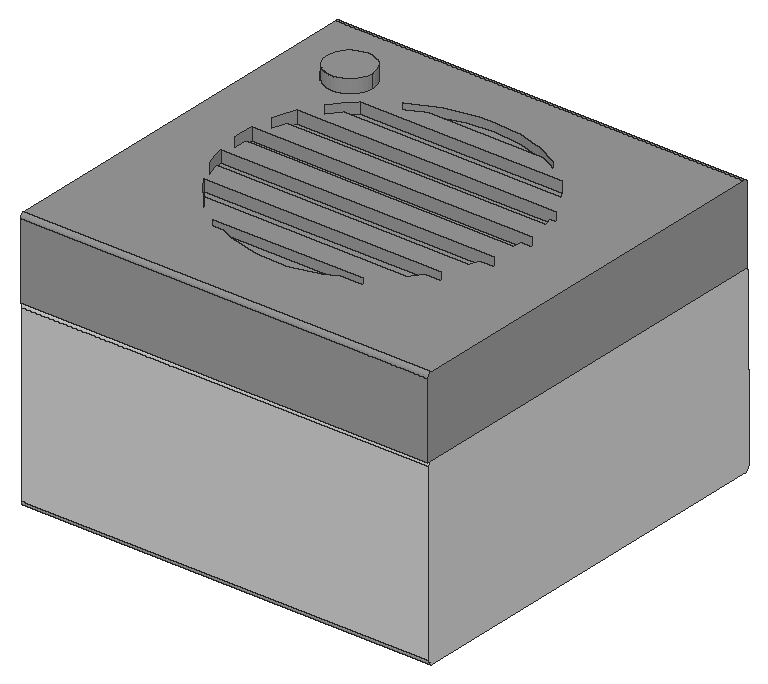
Revit family "Domotics-DomesticRanges-GEWISS-SYSTEM_SIGNALLING-RINGER_2M", category Apparecchi elettrici, host Superficie, Revit 2016
Family settings
  Host = Superficie
  Mantenere orientamento annotazione = Sì
  Tipo di parte = Normale
  Quota connettore circolare = Usa diametro
  Numero OmniClass = 23.80.50.11.14
  Titolo OmniClass = Switches
  Taglio con vuoti quando caricato = Sì
  Condiviso = Sì
  Punto di calcolo locali = Sì
Parameters (values of type "GW21643 - Bell-3 input 230V 2M black")
  Voltage = "230V ac - 50 Hz"
  Volt = 230 V
  Vista di pianta [instance] = yes
  Version file RFA = "19.4"
  URL = "https://www.gewiss.com/ww/en"
  Type: = "3 shades"
  Tipo = SYSTEM SEGNAL ACUSTICA EL_BASE : GW21643 - Nero - 230V
  Technical sheet = "https://www.gewiss.com/ww/en/search?q=GW21643"
  Supply voltage = "230V ac - 50Hz"
  Sound intensity = "75-90 dB (at 1 m)"
  Simbolo = SIMBOLO SEGNAL ACUSTICA : SUONERIA E
  SIMBOLO [instance] = yes
  SEO = "Ringer"
  Realized by GEWISS S.p.A. = ""
  Produttore = "GEWISS S.p.A."
  Power input = "3VA"
  Offset pulsante [instance] = 0 mm
  Offset bidimensionale [instance] = 39 mm
  No. SYSTEM modules = "2"
  N. poli = 1
  Modello = "GW21643"
  Larghezza pulsante = 46 mm
  IFC.TypeObject = ""
  IFC.ExportType = ""
  IFC.ExportAs = ""
  IDT = "74ec7f65-ba21-4d7a-9308-5ca0a5175865"
  IDF = "621fbf66-cb59-43d8-ab59-d3c57e0493e2"
  Electrocod = "0132"
  EAN code = "8011564184879"
  Distanza_x [instance] = 0 mm
  Distanza_effettiva_y [instance] = 100 mm
  Distanza_effettiva_x [instance] = 1500 mm - Distanza_x  # 1500 mm
  Distanza orizzontale simbolo [instance] = 231.658 mm
  Distanza dal muro [instance] = 4.208 mm
  Default Elevation = 1219.2 mm
  Immagine tipo = GW21643.jpg
  Descrizione = "BELL-3 INPUT 230V 2M SY/BK"
  Description. = "Ringer (3 inputs)"
  Colour = "Black"
  Catalogue Range = "SYSTEM - DOMESTIC RANGE"
  Catalogue = "DOMOTICS"
  Carico apparente = 0 VA
  COBie.Tagnumber = ""
  COBie.CreatedOn = ""
  COBie.CreatebBy = ""
  COBie.ComponentRegisterItemID = ""
  COBie.Component.TagNumber = ""
  COBie.Component.Space = ""
  COBie.Component.SerialNumber = ""
  COBie.Component.InstallationDate = ""
  COBie.Component.Description = ""
  COBie.Component.BarCode = ""
Types (4, lengths in mm): name | Voltage | Tipo | Technical sheet | Supply voltage | Modello | IDT | EAN code | Immagine tipo | Descrizione | Colour
  GW21641 - Bell-3 input 12V 2M black | "12V ac/dc" | SYSTEM SEGNAL ACUSTICA EL_BASE : GW21641 - Nero - 12V | "https://www.gewiss.com/ww/en/search?q=GW21641" | "12V ac/dc" | "GW21641" | "362e90e9-b36f-490c-8429-1a3d346313a3" | "8011564184855" | GW21641.jpg | "BELL-3 INPUT 12V 2M SY/BK" | "Black"
  GW20641 - Bell-3 input 12V 2M white | "12V ac/dc" | SYSTEM SEGNAL ACUSTICA EL_BASE : GW20641 - Bianco - 12V | "https://www.gewiss.com/ww/en/search?q=GW20641" | "12V ac/dc" | "GW20641" | "d02cc806-2b70-491e-9f90-8966e96376e3" | "8011564184862" | GW20641.jpg | "BELL-3 INPUT 12V 2M SY/WT" | "White"
  GW20643 - Bell-3 input 230V 2M white | "230V ac - 50 Hz" | SYSTEM SEGNAL ACUSTICA EL_BASE : GW20643 - Bianco - 230V | "https://www.gewiss.com/ww/en/search?q=GW20643" | "230V ac - 50Hz" | "GW20643" | "7c4d68bd-b11d-4b61-96fd-92abb242e18f" | "8011564184886" | GW20643.jpg | "BELL-3 INPUT 230V 2M SY/WT" | "White"
  GW21643 - Bell-3 input 230V 2M black | "230V ac - 50 Hz" | SYSTEM SEGNAL ACUSTICA EL_BASE : GW21643 - Nero - 230V | "https://www.gewiss.com/ww/en/search?q=GW21643" | "230V ac - 50Hz" | "GW21643" | "74ec7f65-ba21-4d7a-9308-5ca0a5175865" | "8011564184879" | GW21643.jpg | "BELL-3 INPUT 230V 2M SY/BK" | "Black"
Reference planes
  plane 1 "Centro (Fronte/Retro)": y = 0
  plane 2: z = 0
  plane 3 "Centro (Sinistra/Destra)": x = 0
  plane 4: z = 0
  plane 5 "piano bidimensionale": z = 39
  plane 6: x = -23
  plane 7: x = 23
  plane 8: z = 39
  plane 9: x = -1500
  plane 10: x = 0
  plane 11: y = 100
Lines and regions (mm)
  Masking region 1, visible <- "Vista di pianta"
    outline origin (0, 0, 0) x (1, 0, 0) y (0, 0, 1)
      loop
        line (23, 0) -> (23, 39) -> (-23, 39) -> (-23, 0) -> (23, 0)
  Masking region 2, visible <- "Vista di pianta"
    outline origin (0, 0, 39) x (0, -1, 0) y (1, 0, 0)
      loop
        line (-22.5, -23) -> (22.5, -23) -> (22.5, 23) -> (-22.5, 23) -> (-22.5, -23)
      loop
        circle (-14.575, -15.5) r 2.573
      loop
        line (-18.141, -12.875) -> (-19.51, -12.361)
        arc (-19.51, -12.361) -> (-20.082, -16.433) -> (-17.064, -19.226) r 4.437
        arc (-17.064, -19.226) -> (-18.804, -16.254) -> (-18.141, -12.875) r 4.866
      loop
        line (-13.397, -8.438) -> (-13.397, 8.438)
        spline (-13.397, 8.438) -> (-14.127, 7.148) -> (-14.734, 5.795) -> (-15.212, 4.392) -> (-15.556, 2.949) -> (-15.764, 1.481) -> (-15.833, 0) -> (-15.764, -1.481) -> (-15.556, -2.949) -> (-15.212, -4.392) -> (-14.734, -5.795) -> (-14.127, -7.148) -> (-13.397, -8.438)
      loop
        arc (-10.961, -11.425) -> (-9.79, -12.443) -> (-8.525, -13.341) r 15.832
        line (-8.525, -13.341) -> (-8.525, 13.341)
        arc (-8.525, 13.341) -> (-9.79, 12.443) -> (-10.961, 11.425) r 15.832
        line (-10.961, 11.425) -> (-10.961, -11.425)
      loop
        arc (-6.089, -14.615) -> (-4.888, -15.059) -> (-3.654, -15.405) r 15.832
        line (-3.654, -15.405) -> (-3.654, 15.405)
        arc (-3.654, 15.405) -> (-4.888, 15.059) -> (-6.089, 14.615) r 15.832
        line (-6.089, 14.615) -> (-6.089, -14.615)
      loop
        arc (-1.218, -15.786) -> (0, -15.832) -> (1.218, -15.786) r 15.832
        line (1.218, -15.786) -> (1.218, 15.786)
        arc (1.218, 15.786) -> (0, 15.832) -> (-1.218, 15.786) r 15.832
        line (-1.218, 15.786) -> (-1.218, -15.786)
      loop
        arc (3.654, -15.405) -> (4.888, -15.059) -> (6.089, -14.615) r 15.832
        line (6.089, -14.615) -> (6.089, 14.615)
        arc (6.089, 14.615) -> (4.888, 15.059) -> (3.654, 15.405) r 15.832
        line (3.654, 15.405) -> (3.654, -15.405)
      loop
        arc (8.525, -13.341) -> (9.79, -12.443) -> (10.961, -11.425) r 15.832
        line (10.961, -11.425) -> (10.961, 11.425)
        arc (10.961, 11.425) -> (9.79, 12.443) -> (8.525, 13.341) r 15.832
        line (8.525, 13.341) -> (8.525, -13.341)
      loop
        spline (13.397, -8.438) -> (14.127, -7.148) -> (14.734, -5.795) -> (15.212, -4.392) -> (15.556, -2.949) -> (15.764, -1.481) -> (15.833, 0) -> (15.764, 1.481) -> (15.556, 2.949) -> (15.212, 4.392) -> (14.734, 5.795) -> (14.127, 7.148) -> (13.397, 8.438)
        line (13.397, 8.438) -> (13.397, -8.438)
  Masking region 3, visible <- "Vista di pianta"
    outline origin (0, 0, 0) x (0, 1, 0) y (0, 0, 1)
      loop
        line (-22.5, 36.414) -> (-22.5, 0) -> (22.5, 0) -> (22.5, 36.414) -> (-22.5, 36.414)
  model lines, style "pulsanti", detail levels coarse
    curve 1: line (-23, 22.5, 39) -> (23, 22.5, 39)
    curve 2: line (-23, -22.5, 39) -> (-23, 22.5, 39)
    curve 3: line (23, -22.5, 39) -> (-23, -22.5, 39)
    curve 4: line (23, 22.5, 39) -> (23, -22.5, 39)
    curve 5: arc (-12.927, 14.575, 39) -> (-15.5, 17.148, 39) -> (-18.072, 14.575, 39) r 2.573
    curve 6: arc (-18.072, 14.575, 39) -> (-15.5, 12.003, 39) -> (-12.927, 14.575, 39) r 2.573
    curve 7: spline (-8.438, 13.397, 39) -> (-7.148, 14.127, 39) -> (-5.795, 14.734, 39) -> (-4.392, 15.212, 39) -> (-2.949, 15.556, 39) -> (-1.481, 15.764, 39) -> (0, 15.833, 39) -> (1.481, 15.764, 39) -> (2.949, 15.556, 39) -> (4.392, 15.212, 39) -> (5.795, 14.734, 39) -> (7.148, 14.127, 39) -> (8.438, 13.397, 39)
    curve 8: line (8.438, 13.397, 39) -> (-8.438, 13.397, 39)
    curve 9: line (-11.425, 10.961, 39) -> (11.425, 10.961, 39)
    curve 10: arc (11.425, 10.961, 39) -> (12.443, 9.79, 39) -> (13.341, 8.525, 39) r 15.832
    curve 11: line (13.341, 8.525, 39) -> (-13.341, 8.525, 39)
    curve 12: arc (-13.341, 8.525, 39) -> (-12.443, 9.79, 39) -> (-11.425, 10.961, 39) r 15.832
    curve 13: line (-14.615, 6.089, 39) -> (14.615, 6.089, 39)
    curve 14: arc (14.615, 6.089, 39) -> (15.059, 4.888, 39) -> (15.405, 3.654, 39) r 15.832
    curve 15: line (15.405, 3.654, 39) -> (-15.405, 3.654, 39)
    curve 16: arc (-15.405, 3.654, 39) -> (-15.059, 4.888, 39) -> (-14.615, 6.089, 39) r 15.832
    curve 17: line (-15.786, 1.218, 39) -> (15.786, 1.218, 39)
    curve 18: arc (15.786, 1.218, 39) -> (15.832, 0, 39) -> (15.786, -1.218, 39) r 15.832
    curve 19: line (15.786, -1.218, 39) -> (-15.786, -1.218, 39)
    curve 20: arc (-15.786, -1.218, 39) -> (-15.832, 0, 39) -> (-15.786, 1.218, 39) r 15.832
    curve 21: line (-15.405, -3.654, 39) -> (15.405, -3.654, 39)
    curve 22: arc (15.405, -3.654, 39) -> (15.059, -4.888, 39) -> (14.615, -6.089, 39) r 15.832
    curve 23: line (14.615, -6.089, 39) -> (-14.615, -6.089, 39)
    curve 24: arc (-14.615, -6.089, 39) -> (-15.059, -4.888, 39) -> (-15.405, -3.654, 39) r 15.832
    curve 25: line (-13.341, -8.525, 39) -> (13.341, -8.525, 39)
    curve 26: arc (13.341, -8.525, 39) -> (12.443, -9.79, 39) -> (11.425, -10.961, 39) r 15.832
    curve 27: line (11.425, -10.961, 39) -> (-11.425, -10.961, 39)
    curve 28: arc (-11.425, -10.961, 39) -> (-12.443, -9.79, 39) -> (-13.341, -8.525, 39) r 15.832
    curve 29: line (-8.438, -13.397, 39) -> (8.438, -13.397, 39)
    curve 30: spline (8.438, -13.397, 39) -> (7.148, -14.127, 39) -> (5.795, -14.734, 39) -> (4.392, -15.212, 39) -> (2.949, -15.556, 39) -> (1.481, -15.764, 39) -> (0, -15.833, 39) -> (-1.481, -15.764, 39) -> (-2.949, -15.556, 39) -> (-4.392, -15.212, 39) -> (-5.795, -14.734, 39) -> (-7.148, -14.127, 39) -> (-8.438, -13.397, 39)
    curve 31: line (-12.361, 19.51, 39) -> (-12.875, 18.141, 39)
    curve 32: arc (-12.361, 19.51, 39) -> (-16.433, 20.082, 39) -> (-19.226, 17.064, 39) r 4.437
    curve 33: arc (-12.875, 18.141, 39) -> (-16.254, 18.804, 39) -> (-19.226, 17.064, 39) r 4.866
  model lines, style "pulsanti", not visible, detail levels coarse
    curve 34: line (-23, 22.5, 39) -> (23, 22.5, 39)
    curve 35: line (-23, -22.5, 39) -> (-23, 22.5, 39)
    curve 36: line (23, -22.5, 39) -> (-23, -22.5, 39)
    curve 37: line (23, 22.5, 39) -> (23, -22.5, 39)
    curve 38: arc (-12.927, 14.575, 39) -> (-15.5, 17.148, 39) -> (-18.072, 14.575, 39) r 2.573
    curve 39: arc (-18.072, 14.575, 39) -> (-15.5, 12.003, 39) -> (-12.927, 14.575, 39) r 2.573
    curve 40: spline (-8.438, 13.397, 39) -> (-7.148, 14.127, 39) -> (-5.795, 14.734, 39) -> (-4.392, 15.212, 39) -> (-2.949, 15.556, 39) -> (-1.481, 15.764, 39) -> (0, 15.833, 39) -> (1.481, 15.764, 39) -> (2.949, 15.556, 39) -> (4.392, 15.212, 39) -> (5.795, 14.734, 39) -> (7.148, 14.127, 39) -> (8.438, 13.397, 39)
    curve 41: line (8.438, 13.397, 39) -> (-8.438, 13.397, 39)
    curve 42: line (-11.425, 10.961, 39) -> (11.425, 10.961, 39)
    curve 43: arc (11.425, 10.961, 39) -> (12.443, 9.79, 39) -> (13.341, 8.525, 39) r 15.832
    curve 44: line (13.341, 8.525, 39) -> (-13.341, 8.525, 39)
    curve 45: arc (-13.341, 8.525, 39) -> (-12.443, 9.79, 39) -> (-11.425, 10.961, 39) r 15.832
    curve 46: line (-14.615, 6.089, 39) -> (14.615, 6.089, 39)
    curve 47: arc (14.615, 6.089, 39) -> (15.059, 4.888, 39) -> (15.405, 3.654, 39) r 15.832
    curve 48: line (15.405, 3.654, 39) -> (-15.405, 3.654, 39)
    curve 49: arc (-15.405, 3.654, 39) -> (-15.059, 4.888, 39) -> (-14.615, 6.089, 39) r 15.832
    curve 50: line (-15.786, 1.218, 39) -> (15.786, 1.218, 39)
    curve 51: arc (15.786, 1.218, 39) -> (15.832, 0, 39) -> (15.786, -1.218, 39) r 15.832
    curve 52: line (15.786, -1.218, 39) -> (-15.786, -1.218, 39)
    curve 53: arc (-15.786, -1.218, 39) -> (-15.832, 0, 39) -> (-15.786, 1.218, 39) r 15.832
    curve 54: line (-15.405, -3.654, 39) -> (15.405, -3.654, 39)
    curve 55: arc (15.405, -3.654, 39) -> (15.059, -4.888, 39) -> (14.615, -6.089, 39) r 15.832
    curve 56: line (14.615, -6.089, 39) -> (-14.615, -6.089, 39)
    curve 57: arc (-14.615, -6.089, 39) -> (-15.059, -4.888, 39) -> (-15.405, -3.654, 39) r 15.832
    curve 58: line (-13.341, -8.525, 39) -> (13.341, -8.525, 39)
    curve 59: arc (13.341, -8.525, 39) -> (12.443, -9.79, 39) -> (11.425, -10.961, 39) r 15.832
    curve 60: line (11.425, -10.961, 39) -> (-11.425, -10.961, 39)
    curve 61: arc (-11.425, -10.961, 39) -> (-12.443, -9.79, 39) -> (-13.341, -8.525, 39) r 15.832
    curve 62: line (-8.438, -13.397, 39) -> (8.438, -13.397, 39)
    curve 63: spline (8.438, -13.397, 39) -> (7.148, -14.127, 39) -> (5.795, -14.734, 39) -> (4.392, -15.212, 39) -> (2.949, -15.556, 39) -> (1.481, -15.764, 39) -> (0, -15.833, 39) -> (-1.481, -15.764, 39) -> (-2.949, -15.556, 39) -> (-4.392, -15.212, 39) -> (-5.795, -14.734, 39) -> (-7.148, -14.127, 39) -> (-8.438, -13.397, 39)
    curve 64: line (-12.361, 19.51, 39) -> (-12.875, 18.141, 39)
    curve 65: arc (-12.361, 19.51, 39) -> (-16.433, 20.082, 39) -> (-19.226, 17.064, 39) r 4.437
    curve 66: arc (-12.875, 18.141, 39) -> (-16.254, 18.804, 39) -> (-19.226, 17.064, 39) r 4.866
Dimensions and locks
  "Offset pulsante": plane 4 to host face
  equal spacing: plane 6, plane 3 "Centro (Sinistra/Destra)", plane 7
  "Larghezza pulsante": plane 6 to plane 7
  locked: plane 8 to plane 4 at 39
  plane 9 to plane 3 "Centro (Sinistra/Destra)" = 1500 mm
  "Distanza_effettiva_x": plane 9 to plane 10
  "Distanza_effettiva_y": plane 11 to plane 1 "Centro (Fronte/Retro)"
  "Offset bidimensionale": plane 5 "piano bidimensionale" to host face
  aligned and locked: plane 2 to host face
  aligned and locked: level to host face
  aligned and locked: plane 1 "Centro (Fronte/Retro)" to nested 1
  aligned and locked: nested 1 to plane 4
  aligned and locked: plane 4 to Masking region 1 sketch curve
  aligned and locked: Masking region 1 sketch curve to nested 1
  aligned and locked: plane 6 to Masking region 1 sketch curve
  aligned and locked: plane 8 to Masking region 1
  aligned and locked: plane 10 to nested 2
  aligned and locked: nested 2 to plane 11
  aligned and locked: Masking region 2 sketch curve to curve 1
  aligned and locked: plane 6 to Masking region 2 sketch curve
  aligned and locked: Masking region 2 sketch curve to curve 3
  aligned and locked: Masking region 2 sketch curve to curve 4
  aligned and locked: Masking region 3 sketch curve to nested 1  (x3)
  aligned and locked: plane 4 to Masking region 3 sketch curve
Automatic sketch dimensions
  host sketch curve to host sketch curve = 2438.4 mm  (x2)
  plane 5 "piano bidimensionale" to Masking region 1 sketch curve = 0 mm
  Masking region 2 sketch curve to Masking region 2 sketch curve = 7.925 mm
  plane 6 to Masking region 2 sketch curve = 7.5 mm
  Masking region 2 sketch curve to Masking region 2 sketch curve = 1.327 mm
  Masking region 2 sketch curve to Masking region 2 sketch curve = 0.569 mm
  Masking region 2 sketch curve to Masking region 2 sketch curve = 0.059 mm
  Masking region 2 sketch curve to Masking region 2 sketch curve = 0.556 mm
  Masking region 2 sketch curve to Masking region 2 sketch curve = 3.608 mm
  Masking region 2 sketch curve to Masking region 2 sketch curve = 1.369 mm
  Masking region 2 sketch curve to Masking region 2 sketch curve = 1.162 mm
  plane 6 to Masking region 2 sketch curve = 3.774 mm
  Masking region 2 sketch curve to plane 3 "Centro (Sinistra/Destra)" = 0 mm  (x3)
  Masking region 2 sketch curve to plane 1 "Centro (Fronte/Retro)" = 13.397 mm
  Masking region 2 sketch curve to Masking region 2 sketch curve = 4.438 mm
  Masking region 2 sketch curve to plane 1 "Centro (Fronte/Retro)" = 0.048 mm
  plane 6 to Masking region 2 sketch curve = 7.191 mm
  plane 1 "Centro (Fronte/Retro)" to Masking region 2 sketch curve = 0 mm
  Masking region 2 sketch curve to Masking region 2 sketch curve = 2.436 mm  (x9)
  Masking region 2 sketch curve to Masking region 2 sketch curve = 2.1 mm
  Masking region 2 sketch curve to Masking region 2 sketch curve = 0.404 mm
  Masking region 2 sketch curve to Masking region 2 sketch curve = 0.791 mm  (x2)
  Masking region 2 sketch curve to Masking region 2 sketch curve = 2.987 mm  (x2)
  Masking region 2 sketch curve to Masking region 2 sketch curve = 1.916 mm  (x2)
  Masking region 2 sketch curve to Masking region 2 sketch curve = 1.273 mm  (x2)
  Masking region 2 sketch curve to Masking region 2 sketch curve = 0 mm  (x12)
  Masking region 2 sketch curve to plane 1 "Centro (Fronte/Retro)" = 1.218 mm
  plane 1 "Centro (Fronte/Retro)" to Masking region 2 sketch curve = 1.218 mm
  Masking region 2 sketch curve to Masking region 2 sketch curve = 0.38 mm  (x3)
  Masking region 2 sketch curve to Masking region 2 sketch curve = 0.023 mm  (x3)
  Masking region 2 sketch curve to Masking region 2 sketch curve = 1.171 mm
  Masking region 2 sketch curve to Masking region 2 sketch curve = 3.19 mm
  plane 1 "Centro (Fronte/Retro)" to Masking region 2 sketch curve = 0.048 mm
  curve 10 to curve 12 = 0 mm  (x2)
  curve 10 to curve 14 = 0 mm  (x2)
  curve 10 to curve 16 = 0 mm  (x2)
  curve 10 to curve 18 = 0 mm  (x2)
  curve 10 to curve 20 = 0 mm  (x2)
  curve 10 to curve 22 = 0 mm  (x2)
  curve 10 to curve 24 = 0 mm  (x2)
  curve 10 to curve 26 = 0 mm  (x2)
  curve 10 to curve 28 = 0 mm  (x2)
  curve 1 to plane 7 = 0 mm
  curve 2 to plane 6 = 0 mm
  curve 7 to plane 3 "Centro (Sinistra/Destra)" = 0 mm
  plane 1 "Centro (Fronte/Retro)" to curve 10 = 0 mm
  curve 30 to plane 3 "Centro (Sinistra/Destra)" = 0 mm
  curve 28 to plane 3 "Centro (Sinistra/Destra)" = 0 mm
  curve 33 to plane 1 "Centro (Fronte/Retro)" = 14.006 mm
  curve 6 to curve 33 = 0.569 mm
  curve 32 to curve 5 = 1.327 mm
  plane 6 to curve 5 = 7.5 mm
  curve 5 to curve 33 = 0.059 mm
  curve 5 to curve 32 = 0.556 mm
  curve 7 to curve 10 = 0.048 mm
  curve 16 to curve 17 = 2.436 mm
  curve 16 to curve 15 = 2.436 mm
  curve 11 to curve 13 = 2.436 mm
  curve 12 to curve 12 = 2.436 mm
  curve 7 to curve 12 = 2.436 mm
  curve 33 to curve 5 = 2.489 mm
  curve 33 to curve 32 = 2.239 mm
  curve 32 to curve 31 = 1.369 mm
  curve 1 to curve 32 = 5.436 mm
  plane 1 "Centro (Fronte/Retro)" to curve 30 = 0.048 mm
  curve 30 to curve 19 = 1.17 mm
  curve 18 to curve 22 = 2.436 mm
  curve 21 to curve 22 = 2.436 mm
  curve 23 to curve 26 = 2.436 mm
  curve 25 to curve 27 = 2.436 mm
  curve 26 to curve 30 = 2.436 mm
  curve 26 to curve 3 = 11.539 mm
  plane 6 to curve 33 = 3.774 mm
  curve 6 to curve 5 = 2.573 mm
  plane 6 to curve 7 = 7.191 mm
  curve 7 to curve 19 = 0.023 mm
  curve 7 to curve 20 = 0.023 mm
  curve 17 to curve 15 = 0.38 mm
  curve 20 to curve 24 = 0.38 mm
  curve 13 to curve 11 = 1.273 mm
  curve 24 to curve 28 = 1.273 mm
  curve 28 to curve 30 = 2.987 mm
  curve 12 to curve 8 = 2.987 mm
  curve 29 to curve 27 = 2.987 mm
  curve 7 to curve 10 = 2.987 mm
  curve 26 to curve 22 = 1.273 mm
  curve 11 to curve 14 = 1.273 mm
  curve 21 to curve 19 = 0.38 mm
  curve 19 to curve 30 = 0.023 mm
  radius of Masking region 2 sketch curve = 2.573 mm
Nested families
  nested 1: "SYSTEM SEGNAL ACUSTICA EL_BASE" at (0, 0, 0), type <- "Tipo", type "GW21643 - Nero - 230V", detail levels medium+fine
  nested 2: "SIMBOLO SEGNAL ACUSTICA" at (0, 100, 0), Distanza dal muro <- "Distanza dal muro", type <- "Simbolo", SIMBOLO <- "SIMBOLO", visible <- "SIMBOLO", type "SUONERIA E"
    with Distanza dal muro 4.208 mm, BORDO ACCESO yes
Connectors
  electrical at (0, 0, 0), driven by "N. poli", driven by "Volt", driven by "Carico apparente"
    settings: on nested 1, index 1, voltage 230 V, apparent load 0 VA, apparent load phase1 0 VA, apparent load phase2 0 VA, apparent load phase3 0 VA, power factor 1, load classification "Other", number of poles 1, system type 31, power factor state 1, is connector primary yes, connector utility no, sub classification motor no, connector description ""
Definition of nested family "SYSTEM SEGNAL ACUSTICA EL_BASE"
  Parameters (values of type "GW21643 - Nero - 230V")
    Supporto = none
    Struttura = none
    Pulsante = none
    Profondità suporto = 15.673 mm
    Larghezza pulsante = 46 mm  # constant formula
    Bidimensionale = 36.414 mm
    Altezza pulsante = 45 mm
  Types (4): name
    GW21641 - Nero - 12V
    GW20641 - Bianco - 12V
    GW20643 - Bianco - 230V
    GW21643 - Nero - 230V
  Reference planes
    plane 1 "Centro (Fronte/Retro)": y = 0
    plane 2: z = 0
    plane 3 "Centro (Sinistra/Destra)": x = 0
    plane 4: y = -22.5
    plane 5: y = 22.5
    plane 6: x = -23
    plane 7: x = 23
    plane 8 "PIANO BIDIMENSIONALE": z = 36.414
    plane 9: x = -21
    plane 10: x = 21
  Forms (mm)
    Extrusion 1, solid, material <- "Pulsante", not visible, detail levels medium+fine
      sketch origin (11.5, 0, 0) x (0, 1, 0) y (0, 0, 1)
        loop
          line (-22.5, 15.673) -> (-5.8, 15.673) -> (0, 20.313) -> (6.657, 17.02) -> (22.519, 20.482) -> (22.148, 22.183)
          arc (22.148, 22.183) -> (19.948, 25.458) -> (16.125, 26.433) r 5.53
          arc (16.125, 26.433) -> (-1.159, 25.53) -> (-18.194, 22.47) r 137.99
          arc (-18.194, 22.47) -> (-21.286, 20.607) -> (-22.5, 17.207) r 5.368
          line (-22.5, 17.207) -> (-22.5, 15.673)
      from -23 to 23
    Extrusion 2, void, not visible, detail levels medium+fine
      sketch origin (11.5, 0, 0) x (0, 1, 0) y (0, 0, 1)
        loop
          arc (-20, 19.947) -> (-16.844, 20.738) -> (-13.67, 21.455) r 135.99
          line (-13.67, 21.455) -> (-13.67, 23.499)
          arc (-13.67, 23.499) -> (-15.936, 23.003) -> (-18.194, 22.47) r 137.99
          arc (-18.194, 22.47) -> (-19.13, 22.19) -> (-20, 21.745) r 5.368
          line (-20, 21.745) -> (-20, 19.947)
      from 15.279 to 21.613
    Extrusion 3, solid, material <- "Pulsante", not visible, detail levels medium+fine
      sketch origin (0, -125, 0) x (0, 1, 0) y (0, 0, 1)
        loop
          line (-22.5, 15.673) -> (-5.8, 15.673) -> (0, 20.313) -> (6.657, 17.02) -> (22.519, 20.482) -> (22.148, 22.183)
          arc (22.148, 22.183) -> (19.948, 25.458) -> (16.125, 26.433) r 5.53
          arc (16.125, 26.433) -> (-1.159, 25.53) -> (-18.194, 22.47) r 137.99
          arc (-18.194, 22.47) -> (-21.286, 20.607) -> (-22.5, 17.207) r 5.368
          line (-22.5, 17.207) -> (-22.5, 15.673)
      from -23 to 23
    Extrusion 4, void, not visible
      sketch origin (0, -125, 0) x (0, 1, 0) y (0, 0, 1)
        loop
          arc (-6.8, 24.76) -> (-12.521, 23.735) -> (-18.194, 22.47) r 137.99
          arc (-18.194, 22.47) -> (-19.13, 22.19) -> (-20, 21.745) r 5.368
          line (-20, 21.745) -> (-20, 19.947)
          arc (-20, 19.947) -> (-13.435, 21.505) -> (-6.8, 22.735) r 135.99
          line (-6.8, 22.735) -> (-6.8, 24.76)
      from 16.9 to 19.6
    Extrusion 5, solid, not visible, detail levels medium+fine
      sketch origin (11.5, -125, 0) x (0, 1, 0) y (0, 0, 1)
        loop
          arc (-20, 19.947) -> (-13.435, 21.505) -> (-6.8, 22.735) r 135.99
          line (-6.8, 22.735) -> (-6.8, 23.748)
          arc (-6.8, 23.748) -> (-13.434, 22.527) -> (-20, 20.98) r 136.99
          line (-20, 20.98) -> (-20, 19.947)
      from 5.4 to 8.1
    Extrusion 6, solid, material <- "Struttura", detail levels medium+fine
      sketch origin (0, 0, 0) x (0, 1, 0) y (0, 0, 1)
        loop
          line (22.5, 0.5) -> (22.5, 20.1)
          arc (22.5, 20.1) -> (22.354, 20.454) -> (22, 20.6) r 0.5
          line (22, 20.6) -> (-22, 20.6)
          arc (-22, 20.6) -> (-22.354, 20.454) -> (-22.5, 20.1) r 0.5
          line (-22.5, 20.1) -> (-22.5, 0.5)
          arc (-22.5, 0.5) -> (-22.354, 0.146) -> (-22, 0) r 0.5
          line (-22, 0) -> (22, 0)
          arc (22, 0) -> (22.354, 0.146) -> (22.5, 0.5) r 0.5
      from -23 to 23
    Extrusion 7, solid, material <- "Pulsante", detail levels medium+fine
      sketch origin (0, -0.155, -8.113) x (0, 1, 0) y (0, 0, 1)
        loop
          line (-22.5, 37.221) -> (-22.5, 28.721) -> (22.5, 28.721) -> (22.5, 37.221)
          arc (22.5, 37.221) -> (22.354, 37.575) -> (22, 37.721) r 0.5
          arc (22, 37.721) -> (0, 38.721) -> (-22, 37.721) r 242.438
          arc (-22, 37.721) -> (-22.354, 37.575) -> (-22.5, 37.221) r 0.5
      from -23 to 23
    Extrusion 8, solid, material <- "Pulsante", not visible, detail levels medium+fine
      sketch origin (0, 3.352, 0.18) x (0, 0.99373, 0.11181) y (0, -0.11181, 0.99373)
        loop
          line (-22.5, 37.221) -> (-22.5, 28.721) -> (-3, 28.721) -> (-1.5, 27.721) -> (1.5, 27.721) -> (3, 28.721) -> (22.5, 28.721) -> (22.5, 37.221)
          arc (22.5, 37.221) -> (22.354, 37.575) -> (22, 37.721) r 0.5
          arc (22, 37.721) -> (0, 38.721) -> (-22, 37.721) r 242.438
          arc (-22, 37.721) -> (-22.354, 37.575) -> (-22.5, 37.221) r 0.5
      from -11.5 to 11.5
    Revolve 9, void, not visible
      sketch origin (0, 7.087, 0.872) x (0, 0.99373, 0.11181) y (0, -0.11181, 0.99373)
        loop
          line (-18.87, 36.988) -> (-18.92, 38.078) -> (-22.509, 37.915) -> (-21.741, 36.858) -> (-18.87, 36.988)
        axis (-18.92, 38.078) -> (-18.87, 36.988)
      angle from 0 to 360
    Revolve 10, void, not visible
      sketch origin (0, -0.724, -0.007) x (0, -0.99373, -0.11181) y (0, -0.11181, 0.99373)
        loop
          line (-18.886, 37.331) -> (-18.926, 38.2) -> (-22.595, 38.033) -> (-21.983, 37.19) -> (-18.886, 37.331)
        axis (-18.926, 38.2) -> (-18.88, 37.201)
      angle from 0 to 360
    Revolve 11, solid, not visible, detail levels medium+fine
      sketch origin (0, 3.21, 0.18) x (0, 0.99373, 0.11181) y (0, -0.11181, 0.99373)
        loop
          line (-14.94, 37.243) -> (-14.976, 38.037) -> (-18.371, 37.883) -> (-17.811, 37.112) -> (-14.94, 37.243)
        axis (-14.976, 38.037) -> (-14.931, 37.038)
      angle from 0 to 360
    Extrusion 12, void
      sketch origin (0, -0.279, 28.194) x (-1, 0, 0) y (0, -1, 0)
        loop
          arc (11.425, -10.961) -> (12.443, -9.79) -> (13.341, -8.525) r 15.832
          line (13.341, -8.525) -> (-13.341, -8.525)
          arc (-13.341, -8.525) -> (-12.443, -9.79) -> (-11.425, -10.961) r 15.832
          line (-11.425, -10.961) -> (11.425, -10.961)
        loop
          line (8.438, -13.397) -> (-8.438, -13.397)
          arc (-8.438, -13.397) -> (0, -15.832) -> (8.438, -13.397) r 15.832
        loop
          arc (14.615, -6.089) -> (15.059, -4.888) -> (15.405, -3.654) r 15.832
          line (15.405, -3.654) -> (-15.405, -3.654)
          arc (-15.405, -3.654) -> (-15.059, -4.888) -> (-14.615, -6.089) r 15.832
          line (-14.615, -6.089) -> (14.615, -6.089)
        loop
          arc (15.786, -1.218) -> (15.832, 0) -> (15.786, 1.218) r 15.832
          line (15.786, 1.218) -> (-15.786, 1.218)
          arc (-15.786, 1.218) -> (-15.832, 0) -> (-15.786, -1.218) r 15.832
          line (-15.786, -1.218) -> (15.786, -1.218)
        loop
          arc (15.405, 3.654) -> (15.059, 4.888) -> (14.615, 6.089) r 15.832
          line (14.615, 6.089) -> (-14.615, 6.089)
          arc (-14.615, 6.089) -> (-15.059, 4.888) -> (-15.405, 3.654) r 15.832
          line (-15.405, 3.654) -> (15.405, 3.654)
        loop
          arc (13.341, 8.525) -> (12.443, 9.79) -> (11.425, 10.961) r 15.832
          line (11.425, 10.961) -> (-11.425, 10.961)
          arc (-11.425, 10.961) -> (-12.443, 9.79) -> (-13.341, 8.525) r 15.832
          line (-13.341, 8.525) -> (13.341, 8.525)
        loop
          arc (8.438, 13.397) -> (0, 15.832) -> (-8.438, 13.397) r 15.832
          line (-8.438, 13.397) -> (8.438, 13.397)
        loop
          circle (15.5, -14.575) r 2.573
      from 1 to 2.914
    Extrusion 13, solid, material <- "Pulsante", detail levels medium+fine
      sketch origin (0, -0.155, 28.914) x (-1, 0, 0) y (0, -1, 0)
        loop
          circle (15.5, -14.575) r 2.573
      from 0 to 2.164
  Cuts and joins
    Extrusion 12 cuts Extrusion 7
  Lines and regions (mm)
    Masking region 1, not visible
      outline origin (40.306, 0, 36.414) x (-1, 0, 0) y (0, -1, 0)
        loop
          line (63.306, -22.5) -> (63.306, 22.5) -> (17.306, 22.5) -> (17.306, -22.5) -> (63.306, -22.5)
        loop
          line (23.406, 6.8) -> (23.406, 20) -> (20.706, 20) -> (20.706, 6.8) -> (23.406, 6.8)
    Masking region 2, not visible
      outline origin (40.306, 0, 36.414) x (-1, 0, 0) y (0, -1, 0)
        loop
          line (23.406, 6.8) -> (23.406, 20) -> (20.706, 20) -> (20.706, 6.8) -> (23.406, 6.8)
    Masking region 3, not visible
      outline origin (0, 0, 36.414) x (-1, 0, 0) y (0, -1, 0)
        loop
          line (63.306, -22.5) -> (63.306, 22.5) -> (17.306, 22.5) -> (17.306, -22.5) -> (63.306, -22.5)
        loop
          line (25.028, 13.67) -> (25.028, 20) -> (18.693, 20) -> (18.693, 13.67) -> (25.028, 13.67)
    Masking region 4, not visible
      outline origin (11.5, 0, 36.414) x (-1, 0, 0) y (0, -1, 0)
        loop
          line (36.528, 13.67) -> (36.528, 20.004) -> (30.193, 20.004) -> (30.193, 13.67) -> (36.528, 13.67)
    Masking region 5
      outline origin (0, 0, 36.414) x (-1, 0, 0) y (0, -1, 0)
        loop
          line (23, -22.5) -> (23, 22.5) -> (-23, 22.5) -> (-23, -22.5) -> (23, -22.5)
        loop
          circle (15.5, -14.575) r 2.573
        loop
          line (12.875, -18.141) -> (12.361, -19.51)
          arc (12.361, -19.51) -> (16.433, -20.082) -> (19.226, -17.064) r 4.437
          arc (19.226, -17.064) -> (16.254, -18.804) -> (12.875, -18.141) r 4.866
        loop
          arc (-8.438, -13.397) -> (0, -15.832) -> (8.438, -13.397) r 15.832
          line (8.438, -13.397) -> (-8.438, -13.397)
        loop
          line (-11.425, -10.961) -> (11.425, -10.961)
          arc (11.425, -10.961) -> (12.443, -9.79) -> (13.341, -8.525) r 15.832
          line (13.341, -8.525) -> (-13.341, -8.525)
          arc (-13.341, -8.525) -> (-12.443, -9.79) -> (-11.425, -10.961) r 15.832
        loop
          arc (14.615, -6.089) -> (15.059, -4.888) -> (15.405, -3.654) r 15.832
          line (15.405, -3.654) -> (-15.405, -3.654)
          arc (-15.405, -3.654) -> (-15.059, -4.888) -> (-14.615, -6.089) r 15.832
          line (-14.615, -6.089) -> (14.615, -6.089)
        loop
          line (-15.786, -1.218) -> (15.786, -1.218)
          arc (15.786, -1.218) -> (15.832, 0) -> (15.786, 1.218) r 15.832
          line (15.786, 1.218) -> (-15.786, 1.218)
          arc (-15.786, 1.218) -> (-15.832, 0) -> (-15.786, -1.218) r 15.832
        loop
          line (-15.405, 3.654) -> (15.405, 3.654)
          arc (15.405, 3.654) -> (15.059, 4.888) -> (14.615, 6.089) r 15.832
          line (14.615, 6.089) -> (-14.615, 6.089)
          arc (-14.615, 6.089) -> (-15.059, 4.888) -> (-15.405, 3.654) r 15.832
        loop
          line (-13.341, 8.525) -> (13.341, 8.525)
          arc (13.341, 8.525) -> (12.443, 9.79) -> (11.425, 10.961) r 15.832
          line (11.425, 10.961) -> (-11.425, 10.961)
          arc (-11.425, 10.961) -> (-12.443, 9.79) -> (-13.341, 8.525) r 15.832
        loop
          line (-8.438, 13.397) -> (8.438, 13.397)
          arc (8.438, 13.397) -> (0, 15.832) -> (-8.438, 13.397) r 15.832
    Masking region 6
      outline origin (0, 0, 36.414) x (-1, 0, 0) y (0, -1, 0)
        loop
          arc (19.226, -17.064) -> (16.254, -18.804) -> (12.875, -18.141) r 4.866
          line (12.875, -18.141) -> (12.361, -19.51)
          arc (12.361, -19.51) -> (16.433, -20.082) -> (19.226, -17.064) r 4.437
        loop
          circle (15.5, -14.575) r 2.573
        loop
          arc (-8.438, -13.397) -> (0, -15.832) -> (8.438, -13.397) r 15.832
          line (8.438, -13.397) -> (-8.438, -13.397)
        loop
          arc (11.425, -10.961) -> (12.443, -9.79) -> (13.341, -8.525) r 15.832
          line (13.341, -8.525) -> (-13.341, -8.525)
          arc (-13.341, -8.525) -> (-12.443, -9.79) -> (-11.425, -10.961) r 15.832
          line (-11.425, -10.961) -> (11.425, -10.961)
        loop
          arc (14.615, -6.089) -> (15.059, -4.888) -> (15.405, -3.654) r 15.832
          line (15.405, -3.654) -> (-15.405, -3.654)
          arc (-15.405, -3.654) -> (-15.059, -4.888) -> (-14.615, -6.089) r 15.832
          line (-14.615, -6.089) -> (14.615, -6.089)
        loop
          arc (15.786, -1.218) -> (15.832, 0) -> (15.786, 1.218) r 15.832
          line (15.786, 1.218) -> (-15.786, 1.218)
          arc (-15.786, 1.218) -> (-15.832, 0) -> (-15.786, -1.218) r 15.832
          line (-15.786, -1.218) -> (15.786, -1.218)
        loop
          arc (15.405, 3.654) -> (15.059, 4.888) -> (14.615, 6.089) r 15.832
          line (14.615, 6.089) -> (-14.615, 6.089)
          arc (-14.615, 6.089) -> (-15.059, 4.888) -> (-15.405, 3.654) r 15.832
          line (-15.405, 3.654) -> (15.405, 3.654)
        loop
          arc (13.341, 8.525) -> (12.443, 9.79) -> (11.425, 10.961) r 15.832
          line (11.425, 10.961) -> (-11.425, 10.961)
          arc (-11.425, 10.961) -> (-12.443, 9.79) -> (-13.341, 8.525) r 15.832
          line (-13.341, 8.525) -> (13.341, 8.525)
        loop
          spline (8.438, 13.397) -> (7.148, 14.127) -> (5.795, 14.734) -> (4.392, 15.212) -> (2.949, 15.556) -> (1.481, 15.764) -> (0, 15.833) -> (-1.481, 15.764) -> (-2.949, 15.556) -> (-4.392, 15.212) -> (-5.795, 14.734) -> (-7.148, 14.127) -> (-8.438, 13.397)
          line (-8.438, 13.397) -> (8.438, 13.397)
  Dimensions and locks
    equal spacing: plane 4, plane 1 "Centro (Fronte/Retro)", plane 5
    plane 4 to plane 5 = 45 mm
    equal spacing: plane 6, plane 3 "Centro (Sinistra/Destra)", plane 7
    "Larghezza pulsante": plane 6 to plane 7
    equal spacing: plane 5, plane 1 "Centro (Fronte/Retro)", plane 4
    "Altezza pulsante": plane 5 to plane 4
    "Bidimensionale": plane 8 "PIANO BIDIMENSIONALE" to level
    plane 6 to plane 9 = 2 mm
    plane 10 to plane 7 = 2 mm
    equal spacing: plane 9, plane 3 "Centro (Sinistra/Destra)", plane 10
    aligned and locked: level to plane 2
    aligned and locked: Masking region 3 to Masking region 4
    aligned and locked: Masking region 2 to Masking region 1  (x2)
    aligned and locked: Extrusion 7 to Extrusion 6
    aligned and locked: Extrusion 6 to Extrusion 7
    aligned and locked: Extrusion 7 to plane 6
    aligned and locked: plane 7 to Extrusion 7
    aligned and locked: Masking region 5 sketch curve to Extrusion 6  (x4)
  Automatic sketch dimensions
    Masking region 1 sketch curve to Masking region 1 sketch curve = 3.4 mm
    Masking region 1 sketch curve to Masking region 1 sketch curve = 2.7 mm
    Masking region 2 sketch curve to Masking region 2 sketch curve = 2.7 mm
    Masking region 1 sketch curve to Masking region 1 sketch curve = 46 mm
    Masking region 1 sketch curve to Masking region 1 sketch curve = 29.3 mm
    Masking region 1 sketch curve to Masking region 1 sketch curve = 13.2 mm
    Masking region 1 sketch curve to Masking region 1 sketch curve = 2.5 mm
    Masking region 2 sketch curve to Masking region 2 sketch curve = 13.2 mm
    Masking region 3 sketch curve to Masking region 3 sketch curve = 1.387 mm
    Masking region 3 sketch curve to Masking region 3 sketch curve = 6.335 mm
    Masking region 3 sketch curve to Masking region 3 sketch curve = 46 mm
    Masking region 4 sketch curve to Masking region 4 sketch curve = 6.335 mm  (x2)
    Masking region 3 sketch curve to Masking region 3 sketch curve = 36.17 mm
    Masking region 3 sketch curve to Masking region 3 sketch curve = 6.33 mm
    Masking region 3 sketch curve to Masking region 3 sketch curve = 2.5 mm
    Extrusion 1 sketch curve to Extrusion 1 sketch curve = 1.243 mm
    Extrusion 2 sketch curve to Extrusion 2 sketch curve = 1.754 mm
    Extrusion 2 sketch curve to Extrusion 2 sketch curve = 0 mm  (x4)
    Extrusion 1 sketch curve to Extrusion 1 sketch curve = 5.368 mm
    Extrusion 1 sketch curve to Extrusion 1 sketch curve = 11.331 mm
    Extrusion 1 sketch curve to Extrusion 1 sketch curve = 5.8 mm
    Extrusion 1 sketch curve to Extrusion 1 sketch curve = 6.657 mm
    Extrusion 1 sketch curve to Extrusion 1 sketch curve = 8.016 mm
    Extrusion 1 sketch curve to Extrusion 1 sketch curve = 10.103 mm
    Extrusion 1 sketch curve to Extrusion 1 sketch curve = 5.388 mm
    Extrusion 1 sketch curve to Extrusion 1 sketch curve = 0.371 mm
    Extrusion 1 sketch curve to Extrusion 1 sketch curve = 127.222 mm
    Extrusion 1 sketch curve to Extrusion 1 sketch curve = 1.347 mm
    Extrusion 1 sketch curve to Extrusion 1 sketch curve = 1.535 mm
    Extrusion 1 sketch curve to Extrusion 1 sketch curve = 3.293 mm
    Extrusion 1 sketch curve to Extrusion 1 sketch curve = 3.462 mm
    Extrusion 1 sketch curve to Extrusion 1 sketch curve = 1.062 mm
    Extrusion 2 sketch curve to Extrusion 2 sketch curve = 2.868 mm
    Extrusion 2 sketch curve to Extrusion 2 sketch curve = 6.33 mm
    Extrusion 2 sketch curve to Extrusion 2 sketch curve = 31.805 mm
    Extrusion 2 sketch curve to Extrusion 2 sketch curve = 128.756 mm
    Extrusion 2 sketch curve to Extrusion 2 sketch curve = 2.739 mm
    Extrusion 2 sketch curve to Extrusion 2 sketch curve = 1.799 mm
    Extrusion 3 sketch curve to Extrusion 3 sketch curve = 1.243 mm
    Extrusion 5 sketch curve to Extrusion 5 sketch curve = 1.013 mm
    Extrusion 5 sketch curve to Extrusion 5 sketch curve = 0 mm  (x4)
    Extrusion 3 sketch curve to Extrusion 3 sketch curve = 5.368 mm
    Extrusion 3 sketch curve to Extrusion 3 sketch curve = 11.331 mm
    Extrusion 3 sketch curve to Extrusion 3 sketch curve = 5.8 mm
    Extrusion 3 sketch curve to Extrusion 3 sketch curve = 6.657 mm
    Extrusion 3 sketch curve to Extrusion 3 sketch curve = 8.016 mm
    Extrusion 3 sketch curve to Extrusion 3 sketch curve = 10.103 mm
    Extrusion 3 sketch curve to Extrusion 3 sketch curve = 5.388 mm
    Extrusion 3 sketch curve to Extrusion 3 sketch curve = 0.371 mm
    Extrusion 3 sketch curve to Extrusion 3 sketch curve = 127.222 mm
    Extrusion 3 sketch curve to Extrusion 3 sketch curve = 1.347 mm
    Extrusion 3 sketch curve to Extrusion 3 sketch curve = 1.535 mm
    Extrusion 3 sketch curve to Extrusion 3 sketch curve = 3.293 mm
    Extrusion 3 sketch curve to Extrusion 3 sketch curve = 3.462 mm
    Extrusion 3 sketch curve to Extrusion 3 sketch curve = 1.062 mm
    Extrusion 5 sketch curve to Extrusion 5 sketch curve = 13.2 mm
    Extrusion 5 sketch curve to Extrusion 5 sketch curve = 34.673 mm
    Extrusion 5 sketch curve to Extrusion 5 sketch curve = 131.496 mm
    Extrusion 4 sketch curve to Extrusion 4 sketch curve = 0 mm  (x4)
    Extrusion 4 sketch curve to Extrusion 4 sketch curve = 2.739 mm
    Extrusion 4 sketch curve to Extrusion 4 sketch curve = 1.799 mm
    Extrusion 4 sketch curve to Extrusion 4 sketch curve = 2.025 mm
    Extrusion 4 sketch curve to Extrusion 4 sketch curve = 2.868 mm
    Extrusion 4 sketch curve to Extrusion 4 sketch curve = 10.332 mm
    Extrusion 4 sketch curve to Extrusion 4 sketch curve = 31.805 mm
    Extrusion 4 sketch curve to Extrusion 4 sketch curve = 128.756 mm
    Extrusion 8 sketch curve to Extrusion 8 sketch curve = 1.5 mm  (x3)
    Revolve 10 sketch curve to Revolve 10 sketch curve = 0.612 mm
    Revolve 10 sketch curve to Revolve 10 sketch curve = 3.057 mm
    Revolve 10 sketch curve to Revolve 10 sketch curve = 0.015 mm
    Revolve 10 sketch curve to Revolve 10 sketch curve = 0.021 mm
    Revolve 11 sketch curve to Revolve 11 sketch curve = 0.56 mm
    Revolve 11 sketch curve to Revolve 11 sketch curve = 2.835 mm
    Revolve 11 sketch curve to Revolve 11 sketch curve = 0.038 mm
    Revolve 11 sketch curve to Revolve 11 sketch curve = 0.006 mm
    Extrusion 8 sketch curve to Extrusion 8 sketch curve = 0.5 mm  (x2)
    Extrusion 8 sketch curve to Extrusion 8 sketch curve = 19.5 mm
    Extrusion 8 sketch curve to Extrusion 8 sketch curve = 3 mm
    Extrusion 8 sketch curve to Extrusion 8 sketch curve = 19 mm
    Extrusion 8 sketch curve to Extrusion 8 sketch curve = 231.438 mm
    Extrusion 8 sketch curve to Extrusion 8 sketch curve = 1 mm  (x2)
    Extrusion 8 sketch curve to Extrusion 8 sketch curve = 8.5 mm
    Revolve 10 sketch curve to Revolve 10 sketch curve = 0.024 mm
    Revolve 10 sketch curve to Revolve 10 sketch curve = 0.141 mm
    Revolve 10 sketch curve to Revolve 10 sketch curve = 0.469 mm
    Revolve 10 sketch curve to Revolve 10 sketch curve = 0.339 mm
    Revolve 11 sketch curve to Revolve 11 sketch curve = 0.036 mm
    Revolve 11 sketch curve to Revolve 11 sketch curve = 0.131 mm
    Revolve 11 sketch curve to Revolve 11 sketch curve = 0.126 mm
    Revolve 11 sketch curve to Revolve 11 sketch curve = 0.825 mm
    Revolve 9 sketch curve to Revolve 9 sketch curve = 0.768 mm
    Revolve 9 sketch curve to Revolve 9 sketch curve = 2.821 mm
    Revolve 9 sketch curve to Revolve 9 sketch curve = 0.05 mm
    Revolve 9 sketch curve to Revolve 9 sketch curve = 0.926 mm
    Revolve 9 sketch curve to Revolve 9 sketch curve = 0.024 mm
    Revolve 9 sketch curve to Revolve 9 sketch curve = 0.006 mm
    Revolve 9 sketch curve to Revolve 9 sketch curve = 0.126 mm
    Revolve 9 sketch curve to Revolve 9 sketch curve = 0.53 mm
    plane 1 "Centro (Fronte/Retro)" to Extrusion 12 sketch curve = 0.279 mm
    Extrusion 12 sketch curve to plane 3 "Centro (Sinistra/Destra)" = 0 mm
    Extrusion 12 sketch curve to Extrusion 12 sketch curve = 1.916 mm  (x3)
    Extrusion 12 sketch curve to Extrusion 12 sketch curve = 0.791 mm  (x2)
    Extrusion 12 sketch curve to plane 1 "Centro (Fronte/Retro)" = 0.939 mm
    Extrusion 12 sketch curve to Extrusion 12 sketch curve = 1.273 mm  (x4)
    Extrusion 12 sketch curve to Extrusion 12 sketch curve = 0 mm  (x23)
    Extrusion 12 sketch curve to Extrusion 12 sketch curve = 0.38 mm  (x4)
    Extrusion 12 sketch curve to Extrusion 12 sketch curve = 2.987 mm  (x2)
    Extrusion 12 sketch curve to Extrusion 12 sketch curve = 2.436 mm  (x6)
    plane 3 "Centro (Sinistra/Destra)" to Extrusion 12 sketch curve = 8.438 mm
    Extrusion 13 sketch curve to Extrusion 13 sketch curve = 0 mm  (x2)
    plane 9 to Extrusion 13 sketch curve = 5.5 mm
    Extrusion 13 sketch curve to plane 5 = 8.079 mm
    Extrusion 13 sketch curve to Extrusion 13 sketch curve = 2.573 mm
    plane 9 to Masking region 5 sketch curve = 5.5 mm
    Masking region 5 sketch curve to plane 5 = 7.925 mm
    Masking region 5 sketch curve to Masking region 5 sketch curve = 2.573 mm
    Masking region 5 sketch curve to Masking region 5 sketch curve = 0.556 mm
    Masking region 5 sketch curve to Masking region 5 sketch curve = 0.059 mm
    Masking region 5 sketch curve to Masking region 5 sketch curve = 1.327 mm
    Masking region 5 sketch curve to Masking region 5 sketch curve = 0.569 mm
    Masking region 5 sketch curve to Masking region 5 sketch curve = 2.583 mm
    Masking region 5 sketch curve to Masking region 5 sketch curve = 0.514 mm
    plane 9 to Masking region 5 sketch curve = 1.774 mm
    Masking region 5 sketch curve to plane 5 = 2.99 mm
    plane 1 "Centro (Fronte/Retro)" to Masking region 5 sketch curve = 0 mm
    Masking region 5 sketch curve to plane 3 "Centro (Sinistra/Destra)" = 0 mm
    plane 3 "Centro (Sinistra/Destra)" to Masking region 5 sketch curve = 8.438 mm
    Masking region 5 sketch curve to Masking region 5 sketch curve = 1.179 mm
    Masking region 5 sketch curve to Masking region 5 sketch curve = 0 mm  (x18)
    Masking region 5 sketch curve to Masking region 5 sketch curve = 2.987 mm  (x2)
    Masking region 5 sketch curve to Masking region 5 sketch curve = 1.916 mm  (x4)
    Masking region 5 sketch curve to Masking region 5 sketch curve = 2.436 mm  (x5)
    Masking region 5 sketch curve to Masking region 5 sketch curve = 4.904 mm
    Masking region 5 sketch curve to Masking region 5 sketch curve = 1.273 mm  (x4)
    Masking region 5 sketch curve to Masking region 5 sketch curve = 0.791 mm  (x4)
    Masking region 5 sketch curve to plane 1 "Centro (Fronte/Retro)" = 1.218 mm
    Masking region 5 sketch curve to Masking region 5 sketch curve = 0.38 mm  (x4)
    plane 1 "Centro (Fronte/Retro)" to Masking region 5 sketch curve = 1.218 mm
    plane 9 to Masking region 6 sketch curve = 6.056 mm
    Masking region 6 sketch curve to Masking region 6 sketch curve = 0.497 mm
    Masking region 6 sketch curve to plane 5 = 6.598 mm
    Masking region 6 sketch curve to Masking region 6 sketch curve = 1.896 mm
    Masking region 6 sketch curve to Masking region 6 sketch curve = 2.068 mm
    Masking region 6 sketch curve to Masking region 6 sketch curve = 0.514 mm
    plane 9 to Masking region 6 sketch curve = 1.774 mm
    Masking region 6 sketch curve to Masking region 6 sketch curve = 1.162 mm
    Masking region 6 sketch curve to Masking region 6 sketch curve = 0.059 mm
    Masking region 6 sketch curve to Masking region 6 sketch curve = 0.569 mm
    Masking region 6 sketch curve to Masking region 6 sketch curve = 2.017 mm
    plane 1 "Centro (Fronte/Retro)" to Masking region 6 sketch curve = 0 mm
    Masking region 6 sketch curve to plane 3 "Centro (Sinistra/Destra)" = 0 mm  (x2)
    plane 3 "Centro (Sinistra/Destra)" to Masking region 6 sketch curve = 8.438 mm
    Masking region 6 sketch curve to Masking region 6 sketch curve = 1.179 mm
    Masking region 6 sketch curve to Masking region 6 sketch curve = 0 mm  (x20)
    Masking region 6 sketch curve to Masking region 6 sketch curve = 2.987 mm  (x3)
    Masking region 6 sketch curve to Masking region 6 sketch curve = 1.916 mm  (x2)
    Masking region 6 sketch curve to Masking region 6 sketch curve = 2.436 mm  (x5)
    Masking region 6 sketch curve to Masking region 6 sketch curve = 1.273 mm  (x3)
    Masking region 6 sketch curve to Masking region 6 sketch curve = 0.791 mm  (x2)
    Masking region 6 sketch curve to plane 1 "Centro (Fronte/Retro)" = 1.218 mm
    Masking region 6 sketch curve to Masking region 6 sketch curve = 0.38 mm  (x3)
    plane 1 "Centro (Fronte/Retro)" to Masking region 6 sketch curve = 1.218 mm
    Masking region 6 sketch curve to Masking region 6 sketch curve = 1.171 mm
    Masking region 6 sketch curve to Masking region 6 sketch curve = 3.19 mm
    plane 1 "Centro (Fronte/Retro)" to Masking region 6 sketch curve = 0.048 mm
    Masking region 6 sketch curve to Masking region 6 sketch curve = 0.023 mm
    Extrusion 7 sketch curve to plane 4 = 0.155 mm
    plane 1 "Centro (Fronte/Retro)" to Extrusion 7 sketch curve = 0.155 mm
    Extrusion 7 sketch curve to plane 5 = 0.155 mm
    Extrusion 7 sketch curve to Extrusion 7 sketch curve = 0.5 mm  (x2)
    Extrusion 7 sketch curve to level = 211.83 mm
    Extrusion 7 sketch curve to plane 8 "PIANO BIDIMENSIONALE" = 15.805 mm
    Extrusion 7 sketch curve to plane 8 "PIANO BIDIMENSIONALE" = 7.305 mm
    Extrusion 6 sketch curve to plane 4 = 0 mm
    Extrusion 6 sketch curve to level = 0 mm
    Extrusion 6 sketch curve to plane 5 = 0 mm
    level to Extrusion 6 sketch curve = 0.5 mm
    Extrusion 6 sketch curve to Extrusion 6 sketch curve = 0.5 mm  (x3)
    Extrusion 6 sketch curve to Extrusion 6 sketch curve = 19.6 mm
Definition of nested family "SIMBOLO SEGNAL ACUSTICA"
  Parameters (values of type "SUONERIA E")
    Simbolo = SIMBOLO SEGNAL ACUSTICA_BASE : SUONERIA E
    SIMBOLO [instance] = yes
    Distanza dal muro [instance] = 4.208 mm
    BORDO ACCESO [instance] = yes
  Types (3, lengths in mm): name | Simbolo
    SUONERIA E | SIMBOLO SEGNAL ACUSTICA_BASE : SUONERIA E
    SUONERIA | SIMBOLO SEGNAL ACUSTICA_BASE : SUONERIA
    RONZATORE | SIMBOLO SEGNAL ACUSTICA_BASE : RONZATORE
  Reference planes
    plane 1: y = 0
    plane 2: x = 0
  Dimensions and locks
    aligned and locked: plane 2 to nested 1
    aligned and locked: plane 1 to nested 1
  Nested families
    nested 1: "SIMBOLO SEGNAL ACUSTICA_BASE" at (0, 0, 0), BORDO ACCESO <- "BORDO ACCESO", type <- "Simbolo", visible <- "SIMBOLO", type "SUONERIA E"
      with BORDO ACCESO yes
  Definition of nested family "SIMBOLO SEGNAL ACUSTICA_BASE"
    Parameters (values of type "SUONERIA E")
      SUONERIA E = yes
      SUONERIA = no
      RONZATORE = no
      Distanza dal muro = 4.208 mm
      BORDO ACCESO [instance] = yes
    Types (4, lengths in mm): name | SUONERIA E | SUONERIA | RONZATORE
      COMM | yes | yes | yes
      SUONERIA | no | yes | no
      SUONERIA E | yes | no | no
      RONZATORE | no | no | yes
    Reference planes
      plane 1: y = 0
      plane 2: x = 0
    Lines and regions (mm)
      detail lines, visible <- "BORDO ACCESO", not visible
        curve 1: line (-1.743, 9.208, 0) -> (2.057, 9.208, 0)
        curve 2: line (2.057, 9.208, 0) -> (2.057, 4.208, 0)
        curve 3: line (2.057, 4.208, 0) -> (-1.743, 4.208, 0)
        curve 4: line (-1.743, 4.208, 0) -> (-1.743, 9.208, 0)
        curve 5: line (-1.543, 9.008, 0) -> (1.857, 9.008, 0)
        curve 6: line (1.857, 9.008, 0) -> (1.857, 4.408, 0)
        curve 7: line (1.857, 4.408, 0) -> (-1.543, 4.408, 0)
        curve 8: line (-1.543, 4.408, 0) -> (-1.543, 9.008, 0)
      detail lines, visible <- "RONZATORE"
        curve 9: line (0.846, 1.817, 0) -> (-0.846, 1.817, 0)
        curve 10: line (-0.35, 0.424, 0) -> (-0.35, 1.047, 0)
        curve 11: line (0.35, 0.424, 0) -> (0.35, 1.047, 0)
        curve 12: arc (-0.846, 1.817, 0) -> (0, 0.971, 0) -> (0.846, 1.817, 0) r 0.846
      detail lines, visible <- "SUONERIA"
        curve 13: line (0.846, 1.047, 0) -> (-0.846, 1.047, 0)
        curve 14: line (-0.35, 0.424, 0) -> (-0.35, 1.047, 0)
        curve 15: line (0.35, 0.424, 0) -> (0.35, 1.047, 0)
        curve 16: arc (-0.846, 1.047, 0) -> (0, 1.893, 0) -> (0.846, 1.047, 0) r 0.846
        curve 17: arc (0.001, 1.456, 0) -> (-0.164, 1.613, 0) -> (-0.344, 1.475, 0) r 0.175
        curve 18: arc (0.001, 1.456, 0) -> (0.188, 1.296, 0) -> (0.358, 1.475, 0) r 0.179
      detail lines, visible <- "SUONERIA E"
        curve 19: line (0.846, 1.047, 0) -> (-0.846, 1.047, 0)
        curve 20: line (-0.35, 0.424, 0) -> (-0.35, 1.047, 0)
        curve 21: line (0.35, 0.424, 0) -> (0.35, 1.047, 0)
        curve 22: arc (-0.846, 1.047, 0) -> (0, 1.893, 0) -> (0.846, 1.047, 0) r 0.846
        curve 23: line (-0.274, 1.214, 0) -> (-0.065, 1.657, 0)
        curve 24: line (-0.065, 1.657, 0) -> (0.317, 1.657, 0)
        curve 25: line (0.275, 1.566, 0) -> (-0.108, 1.566, 0)
        curve 26: circle (-0.341, 1.196, 0) r 0.069 normal (0, 0, 1)
        curve 29: line (0.109, 1.214, 0) -> (0.317, 1.657, 0)
        curve 30: circle (0.042, 1.196, 0) r 0.069 normal (0, 0, 1)
      detail lines, visible <- "SUONERIA E", not visible
        curve 27: line (-0.396, -1.509, 0) -> (-0.094, -0.868, 0)
      detail lines, not visible
        curve 28: circle (-0.493, -1.534, 0) r 0.1 normal (0, 0, 1)
